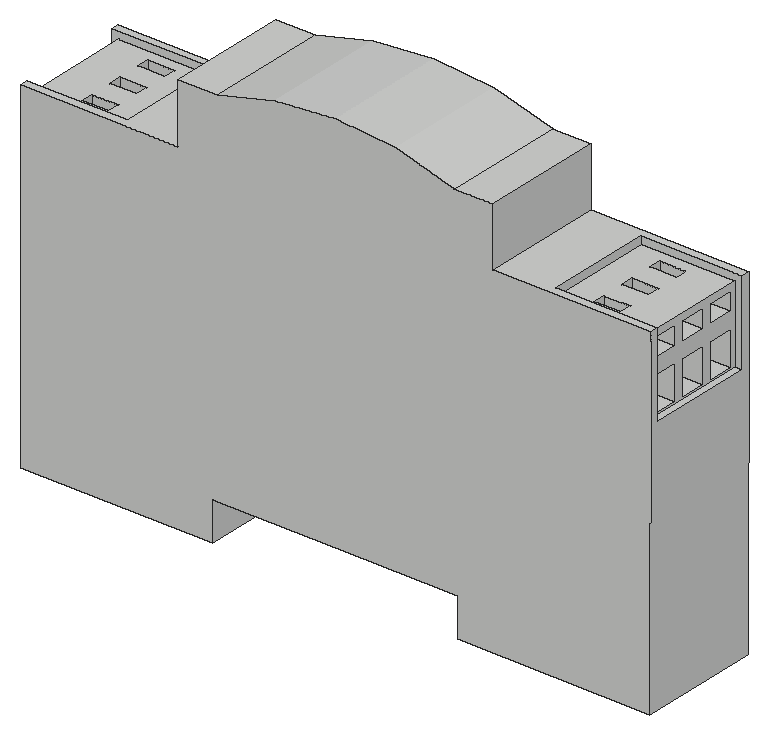
Revit family "Mittel- und Feinschutz für Doppeladersysteme, Typ_ FRD, FLD", category Generic Models, Revit 2015
Parameters (values of type "FLD 2-110")
  Width = 90 mm
  URL = "http://www.obo-bettermann.com"
  Material 2 = OBO PE
  Material = OBO PA 6 GF20
  Manufacturer Art.No. = "5098859"
  Manufacturer = "OBO Bettermann"
  Length = 17.5 mm
  Height = 60.5 mm
  GTIN = "4012195578512"
  Cut depth = 12 mm
  Article Type = "FLD 2-110"
Types (17, lengths in mm): name | Manufacturer Art.No. | GTIN | Article Type
  (no name) | "5098859" | "4012195578512" | "FLD 2-110"
  FRD 5 | "5098492" | "4012195578284" | "FRD 5"
  FRD 12 | "5098506" | "4012195578291" | "FRD 12"
  FRD 24 | "5098514" | "4012195578307" | "FRD 24"
  FRD 48 | "5098522" | "4012195578314" | "FRD 48"
  FRD 110 | "5098557" | "4012195578338" | "FRD 110"
  FRD 2-24 | "5098727" | "4012195578420" | "FRD 2-24"
  FLD 5 | "5098600" | "4012195578369" | "FLD 5"
  FLD 12 | "5098603" | "4012195578376" | "FLD 12"
  FLD 24 | "5098611" | "4012195578383" | "FLD 24"
  FLD 48 | "5098630" | "4012195578390" | "FLD 48"
  FLD 60 | "5098638" | "4012195578406" | "FLD 60"
  FLD 110 | "5098646" | "4012195578413" | "FLD 110"
  FLD 2-5 | "5098867" | "4012195578529" | "FLD 2-5"
  FLD 2-12 | "5098808" | "4012195578444" | "FLD 2-12"
  FLD 2-24 | "5098816" | "4012195578451" | "FLD 2-24"
  FLD 2-110 | "5098859" | "4012195578512" | "FLD 2-110"
Reference planes
  plane 1 "Center (Front/Back)": y = 0
  plane 2: z = 0
  plane 3 "Center (Left/Right)": x = 0
  plane 4: z = 60.5
  plane 5: y = 8.75
  plane 6: y = -8.75
  plane 7: z = 37
  plane 8: z = 48
  plane 9: z = 46
  plane 10: x = 39
  plane 11: x = -39
  plane 12: z = 61.5
  plane 13: z = 51.5
Forms (mm)
  Extrusion 1, solid, material "OBO PA 6 GF20" <- "Material"
    sketch origin (0, 0, 0) x (1, 0, 0) y (0, 0, 1)
      loop
        line (0, 5.5) -> (17.5, 5.5) -> (17.5, 0) -> (45, 0) -> (45, 49) -> (22.5, 49) -> (22.5, 57.5) -> (17, 57.5)
        arc (17, 57.5) -> (0, 60.5) -> (-17, 57.5) r 49.667
        line (-17, 57.5) -> (-22.5, 57.5) -> (-22.5, 49) -> (-45, 49) -> (-45, 0) -> (-17.5, 0) -> (-17.5, 5.5) -> (0, 5.5)
    from -8.75 to 8.75
  Extrusion 2, void
    sketch origin (0, 0, 0) x (1, 0, 0) y (0, 1, 0)
      loop
        line (30.6, 7.6) -> (30.6, -7.6) -> (45, -7.6) -> (45, 7.6) -> (30.6, 7.6)
      loop
        line (-45, 7.6) -> (-45, -7.6) -> (-30.6, -7.6) -> (-30.6, 7.6) -> (-45, 7.6)
    from 37 to 49
  Extrusion 3, solid, material "OBO PE" <- "Material 2"
    sketch origin (0, 0, 0) x (1, 0, 0) y (0, 1, 0)
      loop
        line (30.6, 7.6) -> (30.6, -7.6) -> (44, -7.6) -> (44, 7.6) -> (30.6, 7.6)
      loop
        line (-30.6, 7.6) -> (-44, 7.6) -> (-44, -7.6) -> (-30.6, -7.6) -> (-30.6, 7.6)
    from 37 to 48
  Extrusion 4, void
    sketch origin (0, 0, 0) x (1, 0, 0) y (0, 1, 0)
      loop
        line (34.7, 0.9) -> (34.7, -0.9) -> (38.5, -0.9) -> (38.5, 0.9) -> (34.7, 0.9)
      loop
        line (34.7, 5.9) -> (34.7, 4.1) -> (38.5, 4.1) -> (38.5, 5.9) -> (34.7, 5.9)
      loop
        line (34.7, -4.1) -> (34.7, -5.9) -> (38.5, -5.9) -> (38.5, -4.1) -> (34.7, -4.1)
      loop
        line (-34.7, 5.9) -> (-38.5, 5.9) -> (-38.5, 4.1) -> (-34.7, 4.1) -> (-34.7, 5.9)
      loop
        line (-34.7, 0.9) -> (-38.5, 0.9) -> (-38.5, -0.9) -> (-34.7, -0.9) -> (-34.7, 0.9)
      loop
        line (-34.7, -4.1) -> (-38.5, -4.1) -> (-38.5, -5.9) -> (-34.7, -5.9) -> (-34.7, -4.1)
    from 46 to 48
  Extrusion 5, void
    sketch origin (0, 0, 0) x (0, 1, 0) y (0, 0, 1)
      loop
        line (1.9, 47) -> (-1.9, 47) -> (-1.9, 44.4) -> (1.9, 44.4) -> (1.9, 47)
      loop
        line (6.9, 47) -> (3.1, 47) -> (3.1, 44.4) -> (6.9, 44.4) -> (6.9, 47)
      loop
        line (-3.1, 47) -> (-6.9, 47) -> (-6.9, 44.4) -> (-3.1, 44.4) -> (-3.1, 47)
      loop
        line (6.9, 42.2) -> (3.1, 42.2) -> (3.1, 37.2) -> (6.9, 37.2) -> (6.9, 42.2)
      loop
        line (1.9, 42.2) -> (-1.9, 42.2) -> (-1.9, 37.2) -> (1.9, 37.2) -> (1.9, 42.2)
      loop
        line (-3.1, 42.2) -> (-6.9, 42.2) -> (-6.9, 37.2) -> (-3.1, 37.2) -> (-3.1, 42.2)
    from 39 to 44
  Extrusion 6, void
    sketch origin (0, 0, 0) x (0, 1, 0) y (0, 0, 1)
      loop
        line (3.1, 44.4) -> (6.9, 44.4) -> (6.9, 47) -> (3.1, 47) -> (3.1, 44.4)
      loop
        line (1.9, 44.4) -> (1.9, 47) -> (-1.9, 47) -> (-1.9, 44.4) -> (1.9, 44.4)
      loop
        line (-3.1, 47) -> (-6.9, 47) -> (-6.9, 44.4) -> (-3.1, 44.4) -> (-3.1, 47)
      loop
        line (6.9, 42.2) -> (3.1, 42.2) -> (3.1, 37.2) -> (6.9, 37.2) -> (6.9, 42.2)
      loop
        line (1.9, 37.2) -> (1.9, 42.2) -> (-1.9, 42.2) -> (-1.9, 37.2) -> (1.9, 37.2)
      loop
        line (-3.1, 42.2) -> (-6.9, 42.2) -> (-6.9, 37.2) -> (-3.1, 37.2) -> (-3.1, 42.2)
    from -44 to -39
Cuts and joins
  Extrusion 2, Extrusion 4, Extrusion 5, Extrusion 6 cuts Extrusion 1
  Extrusion 4, Extrusion 5, Extrusion 6 cuts Extrusion 3
Dimensions and locks
  locked: Extrusion 1 sketch curve to plane 3 "Center (Left/Right)" at 45
  locked: Extrusion 1 sketch curve to level at 49  (x2)
  locked: Extrusion 1 sketch curve to level at 5.5
  locked: Extrusion 1 sketch curve to plane 3 "Center (Left/Right)" at 17.5
  locked: Extrusion 1 sketch curve to plane 3 "Center (Left/Right)" at 22.5
  locked: Extrusion 1 sketch curve to level at 57.5  (x2)
  locked: Extrusion 1 sketch curve to Extrusion 1 sketch curve at 5.5  (x2)
  "Width": Extrusion 1 sketch curve to Extrusion 1 sketch curve
  locked: plane 3 "Center (Left/Right)" to Extrusion 1 sketch curve at 17.5
  locked: plane 3 "Center (Left/Right)" to Extrusion 1 sketch curve at 22.5
  "Height": plane 4 to level
  "Length": plane 5 to plane 6
  locked: plane 5 to plane 1 "Center (Front/Back)" at 8.75
  locked: Extrusion 2 sketch curve to Extrusion 2 sketch curve at 15.2
  equal spacing: Extrusion 2 sketch curve, plane 1 "Center (Front/Back)", Extrusion 2 sketch curve, locked at 7.6 each
  locked: Extrusion 2 sketch curve to Extrusion 1 at 14.4
  locked: Extrusion 1 to Extrusion 2 sketch curve at 14.4
  "Cut depth": cut or joined group of Extrusion 1, Extrusion 2, Extrusion 4, Extrusion 5, Extrusion 6 to plane 7
  locked: Extrusion 3 sketch curve to cut or joined group of Extrusion 1, Extrusion 2, Extrusion 4, Extrusion 5, Extrusion 6 at 1
  locked: cut or joined group of Extrusion 1, Extrusion 2, Extrusion 4, Extrusion 5, Extrusion 6 to Extrusion 3 sketch curve at 1
  locked: cut or joined group of Extrusion 1, Extrusion 2, Extrusion 4, Extrusion 5, Extrusion 6 to plane 8 at 1
  locked: Extrusion 4 sketch curve to Extrusion 4 sketch curve at 1.8  (x3)
  equal spacing: Extrusion 4 sketch curve, plane 1 "Center (Front/Back)", Extrusion 4 sketch curve, locked at 0.9 each
  locked: Extrusion 4 sketch curve to Extrusion 4 sketch curve at 3.2  (x2)
  locked: Extrusion 4 sketch curve to Extrusion 4 sketch curve at 3.8  (x2)
  locked: Extrusion 4 sketch curve to cut or joined group of Extrusion 1, Extrusion 2, Extrusion 4, Extrusion 5, Extrusion 6 at 10.3
  locked: cut or joined group of Extrusion 1, Extrusion 2, Extrusion 4, Extrusion 5, Extrusion 6 to Extrusion 4 sketch curve at 10.3
  locked: plane 8 to plane 9 at 2
  locked: Extrusion 5 sketch curve to Extrusion 5 sketch curve at 3.8  (x3)
  equal spacing: Extrusion 5 sketch curve, plane 1 "Center (Front/Back)", Extrusion 5 sketch curve, locked at 1.9 each
  locked: Extrusion 5 sketch curve to Extrusion 5 sketch curve at 1.2  (x2)
  locked: cut or joined group of Extrusion 3, Extrusion 4, Extrusion 5, Extrusion 6 to Extrusion 5 sketch curve at 1
  locked: Extrusion 5 sketch curve to Extrusion 5 sketch curve at 2.6
  locked: Extrusion 5 sketch curve to Extrusion 5 sketch curve at 2.2
  locked: Extrusion 5 sketch curve to Extrusion 5 sketch curve at 5
  locked: cut or joined group of Extrusion 3, Extrusion 4, Extrusion 5, Extrusion 6 to plane 10 at 5
  locked: cut or joined group of Extrusion 3, Extrusion 4, Extrusion 5, Extrusion 6 to plane 11 at 5
  locked: plane 12 to cut or joined group of Extrusion 1, Extrusion 2, Extrusion 4, Extrusion 5, Extrusion 6 at 4
  locked: plane 12 to plane 13 at 10
  radius of Extrusion 1 sketch curve = 49.667 mm
  aligned and locked: level to plane 2
  aligned and locked: Extrusion 1 to plane 5
  aligned and locked: plane 6 to Extrusion 1
  aligned and locked: Extrusion 2 sketch curve to Extrusion 1  (x2)
  aligned and locked: Extrusion 2 sketch curve to Extrusion 2 sketch curve  (x2)
  aligned and locked: Extrusion 2 to plane 7
  aligned and locked: Extrusion 2 to Extrusion 1
  aligned and locked: Extrusion 3 sketch curve to cut or joined group of Extrusion 1, Extrusion 2, Extrusion 4, Extrusion 5, Extrusion 6  (x5)
  aligned and locked: cut or joined group of Extrusion 1, Extrusion 2, Extrusion 4, Extrusion 5, Extrusion 6 to Extrusion 3 sketch curve
  aligned and locked: cut or joined group of Extrusion 1, Extrusion 2, Extrusion 4, Extrusion 5, Extrusion 6 to Extrusion 3
  aligned and locked: plane 8 to Extrusion 3
  aligned and locked: Extrusion 4 sketch curve to Extrusion 4 sketch curve  (x14)
  aligned and locked: Extrusion 4 to plane 9
  aligned and locked: plane 8 to Extrusion 4
  aligned and locked: Extrusion 5 sketch curve to Extrusion 5 sketch curve  (x14)
  aligned and locked: Extrusion 5 to plane 10
  aligned and locked: cut or joined group of Extrusion 3, Extrusion 4, Extrusion 5, Extrusion 6 to Extrusion 5
  aligned and locked: Extrusion 6 sketch curve to cut or joined group of Extrusion 3, Extrusion 4, Extrusion 5, Extrusion 6  (x24)
  aligned and locked: cut or joined group of Extrusion 3, Extrusion 4, Extrusion 5, Extrusion 6 to Extrusion 6
  aligned and locked: plane 11 to Extrusion 6
Automatic sketch dimensions
  Extrusion 1 sketch curve to plane 3 "Center (Left/Right)" = 0 mm
  Extrusion 1 sketch curve to level = 0 mm  (x2)
  Extrusion 6 sketch curve to plane 1 "Center (Front/Back)" = 3.1 mm
